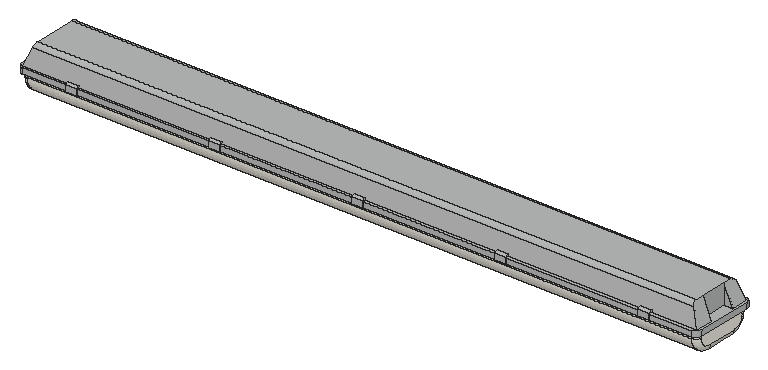
Revit family "SLIM", category Осветительные приборы, Revit 2019
Family settings
  Размер круглого соединителя = Использовать диаметр
  Тип детали = Нормальный
  На основе рабочей плоскости = Да
  Всегда вертикально = Нет
  При загрузке вырезать с полостями = Нет
  Источник света = Да
  Общий = Нет
  Точка расчета площади = Да
Parameters (values of type "CSVT SLIM-38/MILKY (IP65, 5000К ) c БАП на 1 час.")
  built-in parameter 1150104 = 13.8 (stored number, unit not read)
  built-in parameter 1150134 = 2
  Файл фотометрической сетки = "CSVT Slim-38Milky.ies"
  Tilt Angle = 90.00°
  built-in parameter 1150137 = (empty or 0)
  built-in parameter 1150132 = 2
  built-in parameter 1150114 = 1 (stored number, unit not read)
  Dimming Lamp Color Temperature Shift = (empty or 0)
  built-in parameter 1150105 = 342.18 (stored number, unit not read)
  Color Filter = 16777215
  Lumens = 4300 lm
  built-in parameter 1150109 = 1 (stored number, unit not read)
  built-in parameter 1150112 = 1 (stored number, unit not read)
  built-in parameter 1150110 = 1 (stored number, unit not read)
  built-in parameter 1150113 = 1 (stored number, unit not read)
  built-in parameter 1150115 = 1 (stored number, unit not read)
  built-in parameter 1114218 = 1 (stored number, unit not read)
  built-in parameter 1114217 = 1 (stored number, unit not read)
  Default Elevation = 1219.2 mm
  built-in parameter 1150106 = 3.4218 (stored number, unit not read)
  built-in parameter 1150142 = "IESNA:LM-63-95\r\n[TEST] Протокол № 50\r\n[DATA] 17.06.2016\r\n[MORE] \r\n[MANUFAC] ЗАО \"Центрстройсвет\"\r\n[LUMCAT]  Светильник OPERLUX-34/PRISMA-(588x588) \r\n[LUMINAIRE]\r\n[LAMPCAT] Светодиоды\r\n[LAMP] Поток источника света (светодиодов) не известен\r\n[MORE] КСС приведена в абсолютных величинах кд\r\n[MORE] Вместо потока лампы, указан поток светильника.\r\nTILT=NONE\r\n1    3050 1.0 37 73 1 2 0.588 0.588 0.08\r\n1.0 1.0 34\r\n0.0 5.0 10.0 15.0 20.0 25.0 30.0 35.0 40.0 45.0 50.0 55.0 60.0 65.0 70.0 75.0 80.0 85.0 90.0 95.0 100.0 105.0 110.0 115.0 120.0 125.0 130.0 135.0 140.0 145.0 150.0 155.0 160.0 165.0 170.0 175.0 180.0\r\n0.0 5.0 10.0 15.0 20.0 25.0 30.0 35.0 40.0 45.0 50.0 55.0 60.0 65.0 70.0 75.0 80.0 85.0 90.0 95.0 100.0 105.0 110.0 115.0 120.0 125.0 130.0 135.0 140.0 145.0 150.0 155.0 160.0 165.0 170.0 175.0 180.0 185.0 190.0 195.0 200.0 205.0 210.0 215.0 220.0 225.0 230.0 235.0 240.0 245.0 250.0 255.0 260.0 265.0 270.0 275.0 280.0 285.0 290.0 295.0 300.0 305.0 310.0 315.0 320.0 325.0 330.0 335.0 340.0 345.0 350.0 355.0 360.0\r\n1367.8 1364.1 1339.9 1310.7 1251.0 1171.4 1077.9 956.5 826.9 709.2 591.4 468.7 352.2 267.2 190.7 130.0 88.6 43.5 5.5 0.0 0.0 0.0 0.0 0.0 0.0 0.0 0.0 0.0 0.0 0.0 0.0 0.0 0.0 0.0 0.0 0.0 0.0\r\n1367.8 1365.7 1344.6 1309.2 1251.5 1175.2 1073.4 954.2 830.4 711.2 594.6 469.5 356.0 268.7 191.9 132.6 89.9 43.9 6.3 0.0 0.0 0.0 0.0 0.0 0.0 0.0 0.0 0.0 0.0 0.0 0.0 0.0 0.0 0.0 0.0 0.0 0.0\r\n1367.8 1367.4 1347.2 1302.8 1251.5 1178.6 1078.4 958.6 835.1 714.0 597.2 474.3 359.6 268.7 192.7 135.6 92.1 44.3 6.9 0.0 0.0 0.0 0.0 0.0 0.0 0.0 0.0 0.0 0.0 0.0 0.0 0.0 0.0 0.0 0.0 0.0 0.0\r\n1367.8 1368.2 1346.2 1303.1 1250.1 1177.1 1081.4 960.9 838.1 716.2 597.6 475.0 358.6 266.4 190.9 134.8 91.7 44.9 7.0 0.0 0.0 0.0 0.0 0.0 0.0 0.0 0.0 0.0 0.0 0.0 0.0 0.0 0.0 0.0 0.0 0.0 0.0\r\n1367.8 1367.7 1343.5 1306.2 1256.1 1180.0 1081.0 961.6 838.1 714.0 595.7 473.1 356.8 262.2 188.3 132.8 89.3 43.7 6.6 0.0 0.0 0.0 0.0 0.0 0.0 0.0 0.0 0.0 0.0 0.0 0.0 0.0 0.0 0.0 0.0 0.0 0.0\r\n1367.8 1366.2 1344.8 1309.0 1256.2 1184.6 1080.4 962.6 836.8 714.8 593.8 469.6 354.4 260.1 184.9 130.4 88.4 44.2 6.5 0.0 0.0 0.0 0.0 0.0 0.0 0.0 0.0 0.0 0.0 0.0 0.0 0.0 0.0 0.0 0.0 0.0 0.0\r\n1367.8 1364.3 1347.6 1312.1 1259.9 1177.4 1078.5 968.2 849.1 721.6 596.0 467.2 355.0 257.4 183.3 127.1 87.5 45.4 6.5 0.0 0.0 0.0 0.0 0.0 0.0 0.0 0.0 0.0 0.0 0.0 0.0 0.0 0.0 0.0 0.0 0.0 0.0\r\n1367.8 1363.3 1348.8 1312.0 1262.8 1181.2 1077.4 968.8 853.2 730.0 597.2 466.8 353.5 256.9 181.1 124.8 87.2 45.9 6.9 0.0 0.0 0.0 0.0 0.0 0.0 0.0 0.0 0.0 0.0 0.0 0.0 0.0 0.0 0.0 0.0 0.0 0.0\r\n1367.8 1364.0 1350.3 1308.2 1255.9 1182.2 1079.9 969.0 856.0 734.3 601.1 468.4 352.6 254.4 178.0 121.7 85.5 45.0 6.9 0.0 0.0 0.0 0.0 0.0 0.0 0.0 0.0 0.0 0.0 0.0 0.0 0.0 0.0 0.0 0.0 0.0 0.0\r\n1367.8 1364.9 1349.2 1313.0 1259.2 1178.2 1076.4 970.7 860.9 740.8 606.9 469.1 350.2 254.0 175.6 117.8 83.6 43.4 6.7 0.0 0.0 0.0 0.0 0.0 0.0 0.0 0.0 0.0 0.0 0.0 0.0 0.0 0.0 0.0 0.0 0.0 0.0\r\n1367.8 1365.0 1348.6 1315.3 1261.5 1184.1 1082.6 973.9 862.8 745.2 607.9 469.0 350.5 253.1 173.2 116.2 81.4 42.4 6.5 0.0 0.0 0.0 0.0 0.0 0.0 0.0 0.0 0.0 0.0 0.0 0.0 0.0 0.0 0.0 0.0 0.0 0.0\r\n1367.8 1364.4 1347.9 1315.3 1258.7 1186.3 1085.9 970.5 862.2 747.0 613.0 468.8 350.2 252.8 173.4 116.6 79.8 40.9 6.7 0.0 0.0 0.0 0.0 0.0 0.0 0.0 0.0 0.0 0.0 0.0 0.0 0.0 0.0 0.0 0.0 0.0 0.0\r\n1367.8 1363.4 1347.0 1308.3 1258.6 1184.3 1089.8 973.9 867.7 742.3 606.2 467.0 350.0 252.6 175.4 119.1 79.8 42.1 7.1 0.0 0.0 0.0 0.0 0.0 0.0 0.0 0.0 0.0 0.0 0.0 0.0 0.0 0.0 0.0 0.0 0.0 0.0\r\n1367.8 1362.6 1348.4 1308.2 1261.4 1190.2 1088.3 978.6 869.6 744.0 601.1 462.4 350.2 253.6 175.9 123.0 83.5 45.3 7.8 0.0 0.0 0.0 0.0 0.0 0.0 0.0 0.0 0.0 0.0 0.0 0.0 0.0 0.0 0.0 0.0 0.0 0.0\r\n1367.8 1362.3 1347.3 1311.1 1262.3 1191.1 1093.6 982.5 872.1 746.6 597.2 461.1 348.8 251.4 176.3 127.6 89.2 48.5 7.9 0.0 0.0 0.0 0.0 0.0 0.0 0.0 0.0 0.0 0.0 0.0 0.0 0.0 0.0 0.0 0.0 0.0 0.0\r\n1367.8 1362.5 1345.8 1316.1 1260.6 1190.3 1096.8 982.6 873.3 743.8 593.1 456.4 347.2 250.6 175.7 130.9 94.2 51.8 9.3 0.0 0.0 0.0 0.0 0.0 0.0 0.0 0.0 0.0 0.0 0.0 0.0 0.0 0.0 0.0 0.0 0.0 0.0\r\n1367.8 1363.2 1345.2 1315.5 1267.1 1195.5 1096.1 995.9 871.3 740.3 589.0 455.0 342.8 246.9 174.2 131.9 97.1 52.4 10.1 0.0 0.0 0.0 0.0 0.0 0.0 0.0 0.0 0.0 0.0 0.0 0.0 0.0 0.0 0.0 0.0 0.0 0.0\r\n1367.8 1364.5 1346.0 1317.2 1264.0 1194.7 1102.6 991.8 873.9 736.2 584.7 454.3 338.6 243.0 171.3 130.1 99.3 53.7 9.5 0.0 0.0 0.0 0.0 0.0 0.0 0.0 0.0 0.0 0.0 0.0 0.0 0.0 0.0 0.0 0.0 0.0 0.0\r\n1367.8 1365.9 1346.4 1317.1 1264.0 1198.2 1105.3 994.6 872.6 727.7 582.0 451.8 335.8 239.9 168.3 127.6 100.0 55.8 7.5 0.0 0.0 0.0 0.0 0.0 0.0 0.0 0.0 0.0 0.0 0.0 0.0 0.0 0.0 0.0 0.0 0.0 0.0\r\n1367.8 1366.3 1344.9 1317.5 1265.6 1200.4 1108.2 997.2 868.8 722.7 575.8 446.5 333.1 238.4 167.7 126.3 98.1 56.1 8.8 0.0 0.0 0.0 0.0 0.0 0.0 0.0 0.0 0.0 0.0 0.0 0.0 0.0 0.0 0.0 0.0 0.0 0.0\r\n1367.8 1365.9 1344.0 1313.0 1263.2 1200.6 1104.3 997.0 862.7 720.9 568.5 441.0 331.7 237.8 167.7 126.3 96.7 53.7 9.4 0.0 0.0 0.0 0.0 0.0 0.0 0.0 0.0 0.0 0.0 0.0 0.0 0.0 0.0 0.0 0.0 0.0 0.0\r\n1367.8 1365.3 1346.1 1312.6 1263.0 1198.3 1108.1 995.3 861.6 712.7 563.4 437.4 331.4 236.8 165.9 124.7 95.3 55.2 9.1 0.0 0.0 0.0 0.0 0.0 0.0 0.0 0.0 0.0 0.0 0.0 0.0 0.0 0.0 0.0 0.0 0.0 0.0\r\n1367.8 1364.9 1349.2 1313.0 1262.9 1199.0 1108.3 993.8 855.7 710.3 563.1 435.2 329.9 233.9 163.4 121.6 92.0 55.1 8.8 0.0 0.0 0.0 0.0 0.0 0.0 0.0 0.0 0.0 0.0 0.0 0.0 0.0 0.0 0.0 0.0 0.0 0.0\r\n1367.8 1364.1 1352.0 1313.2 1259.2 1197.0 1104.6 988.6 849.9 704.2 562.4 433.5 327.9 230.5 158.4 116.9 87.6 51.4 7.8 0.0 0.0 0.0 0.0 0.0 0.0 0.0 0.0 0.0 0.0 0.0 0.0 0.0 0.0 0.0 0.0 0.0 0.0\r\n1367.8 1363.0 1349.6 1313.3 1257.8 1193.2 1098.7 980.1 848.0 708.1 565.6 433.4 325.1 228.0 154.2 111.3 83.7 49.7 7.5 0.0 0.0 0.0 0.0 0.0 0.0 0.0 0.0 0.0 0.0 0.0 0.0 0.0 0.0 0.0 0.0 0.0 0.0\r\n1367.8 1361.9 1346.7 1314.1 1256.8 1193.2 1093.6 977.6 847.2 708.6 569.1 434.8 324.5 225.9 151.7 107.5 81.6 48.9 7.3 0.0 0.0 0.0 0.0 0.0 0.0 0.0 0.0 0.0 0.0 0.0 0.0 0.0 0.0 0.0 0.0 0.0 0.0\r\n1367.8 1361.2 1345.0 1309.5 1261.1 1193.3 1089.9 973.2 851.1 709.3 572.7 435.0 323.4 225.4 152.1 105.8 80.4 49.9 7.3 0.0 0.0 0.0 0.0 0.0 0.0 0.0 0.0 0.0 0.0 0.0 0.0 0.0 0.0 0.0 0.0 0.0 0.0\r\n1367.8 1360.5 1345.3 1307.2 1258.6 1186.4 1085.9 974.0 847.9 714.1 575.5 436.8 321.2 223.3 152.0 105.2 79.8 49.6 8.0 0.0 0.0 0.0 0.0 0.0 0.0 0.0 0.0 0.0 0.0 0.0 0.0 0.0 0.0 0.0 0.0 0.0 0.0\r\n1367.8 1360.0 1344.3 1308.1 1257.8 1178.2 1085.3 975.1 848.7 715.2 575.4 439.1 318.7 223.0 150.8 104.3 79.3 49.5 8.2 0.0 0.0 0.0 0.0 0.0 0.0 0.0 0.0 0.0 0.0 0.0 0.0 0.0 0.0 0.0 0.0 0.0 0.0\r\n1367.8 1360.5 1346.2 1311.6 1256.3 1174.7 1082.9 978.6 851.4 710.5 574.9 440.6 317.9 221.6 152.3 106.4 79.3 48.7 8.4 0.0 0.0 0.0 0.0 0.0 0.0 0.0 0.0 0.0 0.0 0.0 0.0 0.0 0.0 0.0 0.0 0.0 0.0\r\n1367.8 1361.9 1350.3 1309.3 1252.2 1172.6 1080.3 970.8 851.2 713.3 570.6 439.7 319.0 222.4 154.5 110.7 81.7 47.4 8.1 0.0 0.0 0.0 0.0 0.0 0.0 0.0 0.0 0.0 0.0 0.0 0.0 0.0 0.0 0.0 0.0 0.0 0.0\r\n1367.8 1363.7 1348.0 1307.6 1253.5 1171.4 1087.1 971.6 851.9 710.7 569.9 438.2 323.8 226.5 159.3 115.4 83.3 45.0 7.6 0.0 0.0 0.0 0.0 0.0 0.0 0.0 0.0 0.0 0.0 0.0 0.0 0.0 0.0 0.0 0.0 0.0 0.0\r\n1367.8 1365.3 1346.4 1312.3 1251.8 1172.7 1086.5 974.6 847.7 705.0 567.7 442.4 326.6 234.0 164.3 120.1 85.8 43.9 7.4 0.0 0.0 0.0 0.0 0.0 0.0 0.0 0.0 0.0 0.0 0.0 0.0 0.0 0.0 0.0 0.0 0.0 0.0\r\n1367.8 1366.2 1347.0 1309.1 1250.4 1170.7 1085.2 978.5 846.6 705.8 567.4 441.3 331.1 236.3 167.7 122.8 88.4 45.0 8.1 0.0 0.0 0.0 0.0 0.0 0.0 0.0 0.0 0.0 0.0 0.0 0.0 0.0 0.0 0.0 0.0 0.0 0.0\r\n1367.8 1366.0 1347.9 1306.2 1240.5 1166.7 1082.2 977.2 844.2 702.8 566.8 442.7 335.1 241.3 169.7 123.7 90.0 45.9 9.2 0.0 0.0 0.0 0.0 0.0 0.0 0.0 0.0 0.0 0.0 0.0 0.0 0.0 0.0 0.0 0.0 0.0 0.0\r\n1367.8 1364.3 1346.5 1311.7 1250.6 1170.3 1080.9 980.5 844.4 703.8 569.8 446.4 334.2 240.3 169.5 121.7 87.9 46.9 9.3 0.0 0.0 0.0 0.0 0.0 0.0 0.0 0.0 0.0 0.0 0.0 0.0 0.0 0.0 0.0 0.0 0.0 0.0\r\n1367.8 1361.6 1341.0 1307.3 1249.6 1169.2 1088.8 980.5 845.1 706.2 571.7 444.8 333.0 238.4 168.9 120.7 87.1 47.8 7.8 0.0 0.0 0.0 0.0 0.0 0.0 0.0 0.0 0.0 0.0 0.0 0.0 0.0 0.0 0.0 0.0 0.0 0.0\r\n1367.8 1359.4 1337.2 1303.3 1252.4 1170.4 1080.4 978.1 841.4 701.4 566.4 444.4 333.5 241.2 169.4 122.2 88.2 47.2 9.5 0.0 0.0 0.0 0.0 0.0 0.0 0.0 0.0 0.0 0.0 0.0 0.0 0.0 0.0 0.0 0.0 0.0 0.0\r\n1367.8 1359.3 1342.6 1310.3 1242.7 1173.0 1078.8 976.3 844.8 702.0 565.3 440.7 332.8 240.9 169.9 123.5 89.5 46.1 9.1 0.0 0.0 0.0 0.0 0.0 0.0 0.0 0.0 0.0 0.0 0.0 0.0 0.0 0.0 0.0 0.0 0.0 0.0\r\n1367.8 1361.3 1345.4 1306.4 1248.2 1167.7 1080.4 980.5 846.8 703.5 567.2 443.4 333.2 240.2 168.7 123.1 88.4 46.2 8.4 0.0 0.0 0.0 0.0 0.0 0.0 0.0 0.0 0.0 0.0 0.0 0.0 0.0 0.0 0.0 0.0 0.0 0.0\r\n1367.8 1364.4 1343.1 1308.2 1251.3 1170.9 1084.2 980.8 848.5 707.7 571.1 445.6 332.7 238.1 167.5 120.7 85.6 44.6 7.7 0.0 0.0 0.0 0.0 0.0 0.0 0.0 0.0 0.0 0.0 0.0 0.0 0.0 0.0 0.0 0.0 0.0 0.0\r\n1367.8 1366.7 1342.9 1310.2 1254.3 1176.8 1087.8 981.7 853.4 711.9 574.2 446.0 329.4 232.8 162.6 116.6 83.7 45.3 8.1 0.0 0.0 0.0 0.0 0.0 0.0 0.0 0.0 0.0 0.0 0.0 0.0 0.0 0.0 0.0 0.0 0.0 0.0\r\n1367.8 1367.7 1346.5 1310.6 1258.1 1183.1 1085.5 978.6 854.1 714.2 577.9 448.7 327.1 229.4 158.3 112.1 82.0 47.9 9.0 0.0 0.0 0.0 0.0 0.0 0.0 0.0 0.0 0.0 0.0 0.0 0.0 0.0 0.0 0.0 0.0 0.0 0.0\r\n1367.8 1367.3 1348.0 1310.6 1262.6 1180.1 1086.5 982.6 856.7 719.8 579.9 448.7 324.7 226.8 155.7 107.8 80.3 50.1 9.5 0.0 0.0 0.0 0.0 0.0 0.0 0.0 0.0 0.0 0.0 0.0 0.0 0.0 0.0 0.0 0.0 0.0 0.0\r\n1367.8 1365.6 1348.6 1309.9 1259.0 1186.0 1089.0 979.4 855.0 722.2 584.2 450.5 325.6 227.6 155.8 107.2 80.5 51.4 9.6 0.0 0.0 0.0 0.0 0.0 0.0 0.0 0.0 0.0 0.0 0.0 0.0 0.0 0.0 0.0 0.0 0.0 0.0\r\n1367.8 1363.3 1347.7 1306.8 1261.1 1190.7 1095.5 982.3 860.8 723.2 585.7 446.3 327.8 230.3 158.2 109.3 81.7 51.4 9.3 0.0 0.0 0.0 0.0 0.0 0.0 0.0 0.0 0.0 0.0 0.0 0.0 0.0 0.0 0.0 0.0 0.0 0.0\r\n1367.8 1361.0 1344.4 1306.7 1264.4 1191.7 1095.0 984.8 858.7 723.1 583.6 444.8 328.4 232.3 158.6 109.9 81.8 51.7 9.0 0.0 0.0 0.0 0.0 0.0 0.0 0.0 0.0 0.0 0.0 0.0 0.0 0.0 0.0 0.0 0.0 0.0 0.0\r\n1367.8 1359.1 1344.3 1308.4 1263.8 1198.1 1102.2 989.8 861.5 721.8 582.8 444.8 331.3 233.7 158.6 111.1 83.0 50.9 8.9 0.0 0.0 0.0 0.0 0.0 0.0 0.0 0.0 0.0 0.0 0.0 0.0 0.0 0.0 0.0 0.0 0.0 0.0\r\n1367.8 1357.8 1346.5 1313.8 1263.6 1192.7 1107.0 996.3 859.5 718.8 579.1 442.9 332.1 234.9 160.7 114.1 84.6 51.0 9.2 0.0 0.0 0.0 0.0 0.0 0.0 0.0 0.0 0.0 0.0 0.0 0.0 0.0 0.0 0.0 0.0 0.0 0.0\r\n1367.8 1357.7 1347.3 1313.2 1264.3 1198.9 1108.1 998.6 864.9 718.7 573.2 441.1 332.1 237.8 164.0 118.2 87.5 52.0 9.8 0.0 0.0 0.0 0.0 0.0 0.0 0.0 0.0 0.0 0.0 0.0 0.0 0.0 0.0 0.0 0.0 0.0 0.0\r\n1367.8 1358.5 1346.9 1313.1 1266.5 1195.6 1112.2 1002.8 870.4 722.5 574.7 443.8 335.7 239.1 166.4 121.6 91.2 55.8 10.9 0.0 0.0 0.0 0.0 0.0 0.0 0.0 0.0 0.0 0.0 0.0 0.0 0.0 0.0 0.0 0.0 0.0 0.0\r\n1367.8 1359.8 1344.7 1312.9 1269.5 1203.1 1107.5 1002.6 874.5 724.4 574.3 444.8 335.5 240.3 169.6 124.4 94.2 56.9 11.6 0.0 0.0 0.0 0.0 0.0 0.0 0.0 0.0 0.0 0.0 0.0 0.0 0.0 0.0 0.0 0.0 0.0 0.0\r\n1367.8 1361.7 1344.5 1316.7 1266.1 1199.3 1111.1 1004.7 879.7 733.6 577.6 446.7 337.8 241.2 168.7 126.0 96.3 56.5 11.7 0.0 0.0 0.0 0.0 0.0 0.0 0.0 0.0 0.0 0.0 0.0 0.0 0.0 0.0 0.0 0.0 0.0 0.0\r\n1367.8 1363.9 1346.7 1316.2 1265.7 1198.1 1117.1 1006.7 882.1 737.2 586.5 450.4 338.9 242.3 167.8 125.5 98.6 58.1 10.5 0.0 0.0 0.0 0.0 0.0 0.0 0.0 0.0 0.0 0.0 0.0 0.0 0.0 0.0 0.0 0.0 0.0 0.0\r\n1367.8 1365.2 1345.4 1319.5 1265.7 1198.8 1109.1 1003.5 876.9 742.6 589.1 456.4 341.1 242.1 167.5 126.8 100.2 57.9 8.8 0.0 0.0 0.0 0.0 0.0 0.0 0.0 0.0 0.0 0.0 0.0 0.0 0.0 0.0 0.0 0.0 0.0 0.0\r\n1367.8 1365.0 1345.2 1312.9 1265.8 1199.0 1109.7 999.6 877.6 742.6 595.8 457.7 342.1 245.3 170.4 128.5 99.0 56.9 11.0 0.0 0.0 0.0 0.0 0.0 0.0 0.0 0.0 0.0 0.0 0.0 0.0 0.0 0.0 0.0 0.0 0.0 0.0\r\n1367.8 1364.1 1347.9 1311.6 1271.1 1195.3 1102.7 998.9 881.1 745.5 597.2 460.9 345.1 248.6 174.0 129.7 96.5 55.6 11.2 0.0 0.0 0.0 0.0 0.0 0.0 0.0 0.0 0.0 0.0 0.0 0.0 0.0 0.0 0.0 0.0 0.0 0.0\r\n1367.8 1363.0 1347.3 1314.0 1269.6 1192.3 1104.9 991.5 878.3 748.8 603.5 463.3 348.1 251.3 177.2 130.4 94.2 55.0 10.3 0.0 0.0 0.0 0.0 0.0 0.0 0.0 0.0 0.0 0.0 0.0 0.0 0.0 0.0 0.0 0.0 0.0 0.0\r\n1367.8 1362.4 1346.2 1314.7 1264.3 1194.7 1094.8 992.0 878.4 749.1 608.2 465.6 349.4 252.9 177.2 127.6 90.1 51.7 8.7 0.0 0.0 0.0 0.0 0.0 0.0 0.0 0.0 0.0 0.0 0.0 0.0 0.0 0.0 0.0 0.0 0.0 0.0\r\n1367.8 1362.7 1348.0 1314.5 1265.5 1196.6 1094.9 983.4 872.0 752.6 609.3 469.0 352.6 254.1 177.1 125.0 85.8 47.2 8.1 0.0 0.0 0.0 0.0 0.0 0.0 0.0 0.0 0.0 0.0 0.0 0.0 0.0 0.0 0.0 0.0 0.0 0.0\r\n1367.8 1362.9 1347.6 1317.1 1264.6 1191.1 1090.4 981.6 868.8 748.7 612.1 472.2 352.0 253.6 176.2 121.4 83.1 43.4 6.9 0.0 0.0 0.0 0.0 0.0 0.0 0.0 0.0 0.0 0.0 0.0 0.0 0.0 0.0 0.0 0.0 0.0 0.0\r\n1367.8 1362.5 1343.6 1318.7 1268.8 1192.3 1085.5 974.5 866.1 750.5 612.3 472.0 350.7 253.1 174.7 119.5 83.2 43.3 6.3 0.0 0.0 0.0 0.0 0.0 0.0 0.0 0.0 0.0 0.0 0.0 0.0 0.0 0.0 0.0 0.0 0.0 0.0\r\n1367.8 1362.1 1341.3 1317.3 1267.8 1185.0 1082.2 972.1 864.2 747.6 611.4 473.0 350.1 254.2 174.7 118.9 84.4 45.4 6.1 0.0 0.0 0.0 0.0 0.0 0.0 0.0 0.0 0.0 0.0 0.0 0.0 0.0 0.0 0.0 0.0 0.0 0.0\r\n1367.8 1362.2 1343.6 1308.9 1260.0 1189.4 1084.9 971.7 859.6 740.4 606.9 470.8 351.4 253.9 176.6 120.3 86.5 45.9 6.5 0.0 0.0 0.0 0.0 0.0 0.0 0.0 0.0 0.0 0.0 0.0 0.0 0.0 0.0 0.0 0.0 0.0 0.0\r\n1367.8 1363.0 1342.9 1314.5 1263.9 1184.9 1081.6 971.9 853.4 735.2 605.3 467.7 352.3 254.8 180.1 122.7 87.8 46.6 6.8 0.0 0.0 0.0 0.0 0.0 0.0 0.0 0.0 0.0 0.0 0.0 0.0 0.0 0.0 0.0 0.0 0.0 0.0\r\n1367.8 1364.3 1340.2 1313.1 1261.0 1182.5 1084.4 971.4 852.3 730.7 600.0 466.2 354.3 255.8 181.2 124.6 88.4 46.8 6.6 0.0 0.0 0.0 0.0 0.0 0.0 0.0 0.0 0.0 0.0 0.0 0.0 0.0 0.0 0.0 0.0 0.0 0.0\r\n1367.8 1365.9 1343.5 1308.2 1258.3 1181.3 1083.1 966.4 845.6 721.0 594.9 467.0 352.2 259.1 183.4 126.7 88.1 45.4 6.1 0.0 0.0 0.0 0.0 0.0 0.0 0.0 0.0 0.0 0.0 0.0 0.0 0.0 0.0 0.0 0.0 0.0 0.0\r\n1367.8 1366.3 1345.1 1308.7 1254.7 1177.8 1080.9 969.9 838.6 714.9 593.4 465.7 351.7 258.6 185.5 129.6 88.1 44.0 5.9 0.0 0.0 0.0 0.0 0.0 0.0 0.0 0.0 0.0 0.0 0.0 0.0 0.0 0.0 0.0 0.0 0.0 0.0\r\n1367.8 1364.5 1343.2 1306.3 1248.4 1177.3 1082.4 962.7 833.3 713.0 595.0 468.9 352.8 260.9 187.3 132.3 88.7 43.5 6.0 0.0 0.0 0.0 0.0 0.0 0.0 0.0 0.0 0.0 0.0 0.0 0.0 0.0 0.0 0.0 0.0 0.0 0.0\r\n1367.8 1362.4 1346.0 1305.7 1255.8 1170.9 1078.4 956.8 832.7 709.6 592.6 470.6 355.6 263.8 189.2 133.7 90.3 44.0 6.3 0.0 0.0 0.0 0.0 0.0 0.0 0.0 0.0 0.0 0.0 0.0 0.0 0.0 0.0 0.0 0.0 0.0 0.0\r\n1367.8 1362.0 1346.8 1311.0 1252.6 1177.3 1074.5 958.3 825.6 709.7 591.0 467.7 356.3 264.6 188.4 133.0 90.3 43.3 6.2 0.0 0.0 0.0 0.0 0.0 0.0 0.0 0.0 0.0 0.0 0.0 0.0 0.0 0.0 0.0 0.0 0.0 0.0\r\n1367.8 1363.0 1341.5 1311.3 1242.3 1175.5 1082.4 953.9 818.8 707.4 591.0 466.6 352.5 265.4 188.6 130.9 89.0 43.1 6.3 0.0 0.0 0.0 0.0 0.0 0.0 0.0 0.0 0.0 0.0 0.0 0.0 0.0 0.0 0.0 0.0 0.0 0.0\r\n1367.8 1364.1 1339.9 1310.7 1251.0 1171.4 1077.9 956.5 826.9 709.2 591.4 468.7 352.2 267.2 190.7 130.0 88.6 43.5 5.5 0.0 0.0 0.0 0.0 0.0 0.0 0.0 0.0 0.0 0.0 0.0 0.0 0.0 0.0 0.0 0.0 0.0 0.0\r\n"
  built-in parameter 1150133 = 10 (stored number, unit not read)
  Wattage = 28.948 W
  Материал коробки = none
  built-in parameter 1150139 = (empty or 0)
  built-in parameter 1150138 = (empty or 0)
  built-in parameter 1150107 = 5000 (stored number, unit not read)
  built-in parameter 1150102 = (empty or 0)
  Emit from Rectangle Width = Ширина - 40 mm  # 84 mm
  Emit from Rectangle Length = Длина - 40 mm  # 1222 mm
  Длина = 1262 mm
  УГО [instance] = yes
  Description = ""
  Материал светильника = RAL 9006
  Материал стекла = RAL 9001
  Type Comments = ""
  Изготовитель = "ЗАО «Центрстройсвет»"
  Ширина = 124 mm
  Высота = 85 mm
  Видимая форма излучения при визуализации = yes
  l = 20 mm  # constant formula
  URL = "http://csvt.ru/"
  ADSK_Ток = ADSK_Номинальная мощность / (ADSK_Коэффициент мощности * ADSK_Напряжение * sqrt(ADSK_Количество фаз числовое))  # 0.179584 A
  ADSK_Примечание = ""
  ADSK_Полная мощность = ADSK_Номинальная мощность / ADSK_Коэффициент мощности  # 41.3043 VA
  ADSK_Обозначение = "CSVT SLIM-38/MILKY  (IP65, 5000К )"
  ADSK_Номинальная мощность = 38 W
  ADSK_Напряжение = 230 V
  ADSK_Наименование = "Светодиодный пылевлагозащищенный светильник CSVT SLIM-38/MILKY (IP65, 5000К ) c БАП на 1 час."
  ADSK_Масса = 1.5
  ADSK_Коэффициент мощности = 0.92
  ADSK_Количество фаз числовое = 1
  ADSK_Количество фаз = 1
  ADSK_Код изделия = "ЦБ000009203"
  ADSK_Классификация нагрузок = Прочее
  ADSK_Завод-изготовитель = "ЗАО «Центрстройсвет»"
  ADSK_Единица измерения = "шт."
Reference planes
  plane 1 "По центру (Вперед/Назад)": y = 0
  plane 2: z = 0
  plane 3 "По центру (Влево/Вправо)": x = 0
  plane 4: x = -631
  plane 5: x = 631
  plane 6: y = -62
  plane 7: y = 62
  plane 8: y = -57
  plane 9: y = 57
  plane 10: x = 626
  plane 11: x = -626
  plane 12: z = -37.5
  plane 13: z = -47.5
  plane 14: y = -47
  plane 15: x = 616
  plane 16: x = -616
  plane 17: y = 47
  plane 18: z = -85
  plane 19: z = -42.5
  plane 20: x = -521
  plane 21: x = -541
  plane 22: x = -531
  plane 23: x = -255.5
  plane 24: x = -275.5
  plane 25: x = -265.5
  plane 26: x = 255.5
  plane 27: x = 275.5
  plane 28: x = 265.5
  plane 29: x = 521
  plane 30: x = 541
  plane 31: x = 531
  plane 32: y = 25
  plane 33: y = -25
  plane 34: x = -10
  plane 35: x = 10
Forms (mm)
  Extrusion 1, solid, material "RAL 9006" <- "Материал светильника", detail levels medium+fine
    sketch origin (0, 0, 0) x (1, 0, 0) y (0, 1, 0)
      loop
        arc (-631, -52) -> (-628.071, -59.071) -> (-621, -62) r 10
        line (-621, -62) -> (621, -62)
        arc (621, -62) -> (628.071, -59.071) -> (631, -52) r 10
        line (631, -52) -> (631, 52)
        arc (631, 52) -> (628.071, 59.071) -> (621, 62) r 10
        line (621, 62) -> (-621, 62)
        arc (-621, 62) -> (-628.071, 59.071) -> (-631, 52) r 10
        line (-631, 52) -> (-631, -52)
    from -47.5 to -37.5
  Extrusion 2, solid, material "RAL 9001" <- "Материал стекла", detail levels medium+fine
    sketch origin (0, 0, 0) x (0, 1, 0) y (0, 0, 1)
      loop
        line (57, -47.5) -> (-57, -47.5) -> (-57, -55)
        arc (-57, -55) -> (-48.213, -76.213) -> (-27, -85) r 30
        line (-27, -85) -> (27, -85)
        arc (27, -85) -> (48.213, -76.213) -> (57, -55) r 30
        line (57, -55) -> (57, -47.5)
    from -626 to 626
  Sweep 3, void
    path in 3D
      loop
        line (-626, 57, -47.5) -> (-626, 57, -55)
        arc (-626, 57, -55) -> (-626, 48.213, -76.213) -> (-626, 27, -85) r 30
        line (-626, 27, -85) -> (-626, -27, -85)
        arc (-626, -27, -85) -> (-626, -48.213, -76.213) -> (-626, -57, -55) r 30
        line (-626, -57, -55) -> (-626, -57, -47.5)
    profile origin (-626, 0, -85) x (-1, 0, 0) y (0, 0, -1)
      loop
        arc (-10, 0) -> (-2.929, -2.929) -> (0, -10) r 10
        line (0, -10) -> (0, 0) -> (-10, 0)
      loop
        line (-1242, 0) -> (-1252, 0) -> (-1252, -10)
        arc (-1252, -10) -> (-1249.071, -2.929) -> (-1242, 0) r 10
  Extrusion 4, solid, material "RAL 9006" <- "Материал светильника", detail levels medium+fine
    sketch origin (0, 0, 0) x (0, 1, 0) y (0, 0, 1)
      loop
        line (39.598, 0) -> (-39.598, 0)
        arc (-39.598, 0) -> (-45.547, -1.962) -> (-49.162, -7.08) r 10
        line (-49.162, -7.08) -> (-57, -37.5) -> (57, -37.5) -> (49.162, -7.08)
        arc (49.162, -7.08) -> (45.547, -1.962) -> (39.598, 0) r 10
    from -626 to 626
  Extrusion 5, void
    sketch origin (0, 0, 0) x (1, 0, 0) y (0, 0, 1)
      loop
        line (-626, -37.5) -> (-610.728, 0) -> (-626, 0) -> (-626, -37.5)
      loop
        line (626, -37.5) -> (626, 0) -> (610.728, 0) -> (626, -37.5)
    from -62 to 62
  Extrusion 6, solid, material "RAL 9006" <- "Материал светильника", detail levels medium+fine
    sketch origin (250, 0, 0) x (0, 1, 0) y (0, 0, 1)
      loop
        line (62, -47.5) -> (57, -49.32) -> (57, -51.378) -> (63, -47.914) -> (63, -37.086) -> (57, -34.288) -> (57, -36.618) -> (62, -37.5) -> (62, -47.5)
      loop
        line (-62, -47.5) -> (-62, -37.5) -> (-57, -36.618) -> (-57, -34.288) -> (-63, -37.086) -> (-63, -47.914) -> (-57, -51.378) -> (-57, -49.32) -> (-62, -47.5)
    from 291 to 271
  Extrusion 7, solid, material "RAL 9006" <- "Материал светильника", detail levels medium+fine
    sketch origin (-2.4, 0, 0) x (0, 1, 0) y (0, 0, 1)
      loop
        line (62, -47.5) -> (57, -49.32) -> (57, -51.378) -> (63, -47.914) -> (63, -37.086) -> (57, -34.288) -> (57, -36.618) -> (62, -37.5) -> (62, -47.5)
      loop
        line (-62, -47.5) -> (-62, -37.5) -> (-57, -36.618) -> (-57, -34.288) -> (-63, -37.086) -> (-63, -47.914) -> (-57, -51.378) -> (-57, -49.32) -> (-62, -47.5)
    from 257.9 to 277.9
  Extrusion 8, solid, material "RAL 9006" <- "Материал светильника", detail levels medium+fine
    sketch origin (-254.8, 0, 0) x (0, 1, 0) y (0, 0, 1)
      loop
        line (62, -47.5) -> (57, -49.32) -> (57, -51.378) -> (63, -47.914) -> (63, -37.086) -> (57, -34.288) -> (57, -36.618) -> (62, -37.5) -> (62, -47.5)
      loop
        line (-62, -47.5) -> (-62, -37.5) -> (-57, -36.618) -> (-57, -34.288) -> (-63, -37.086) -> (-63, -47.914) -> (-57, -51.378) -> (-57, -49.32) -> (-62, -47.5)
    from -0.7 to -20.7
  Extrusion 9, solid, material "RAL 9006" <- "Материал светильника", detail levels medium+fine
    sketch origin (-507.2, 0, 0) x (0, 1, 0) y (0, 0, 1)
      loop
        line (62, -47.5) -> (57, -49.32) -> (57, -51.378) -> (63, -47.914) -> (63, -37.086) -> (57, -34.288) -> (57, -36.618) -> (62, -37.5) -> (62, -47.5)
      loop
        line (-62, -47.5) -> (-62, -37.5) -> (-57, -36.618) -> (-57, -34.288) -> (-63, -37.086) -> (-63, -47.914) -> (-57, -51.378) -> (-57, -49.32) -> (-62, -47.5)
    from -13.8 to -33.8
  Extrusion 10, void
    sketch origin (0, 0, 0) x (1, 0, 0) y (0, 0, 1)
      loop
        line (-626, -37.5) -> (-610.728, -37.5) -> (-610.728, 0) -> (-626, -37.5)
      loop
        line (626, -37.5) -> (610.728, 0) -> (610.728, -37.5) -> (626, -37.5)
    from -25 to 25
  Extrusion 11, solid, material "RAL 9006" <- "Материал светильника", detail levels medium+fine
    sketch origin (-128.6, 0, 0) x (0, 1, 0) y (0, 0, 1)
      loop
        line (62, -47.5) -> (57, -49.32) -> (57, -51.378) -> (63, -47.914) -> (63, -37.086) -> (57, -34.288) -> (57, -36.618) -> (62, -37.5) -> (62, -47.5)
      loop
        line (-62, -47.5) -> (-62, -37.5) -> (-57, -36.618) -> (-57, -34.288) -> (-63, -37.086) -> (-63, -47.914) -> (-57, -51.378) -> (-57, -49.32) -> (-62, -47.5)
    from 118.6 to 138.6
Cuts and joins
  Sweep 3 cuts Extrusion 2
  Extrusion 5, Extrusion 10 cuts Extrusion 4
Lines and regions (mm)
  sketch lines
    curve 1: line (-626, 27, -85) -> (-626, -27, -85)
    curve 2: arc (-626, -57, -55) -> (-626, -48.213, -76.213) -> (-626, -27, -85) r 30
    curve 3: line (-626, -57, -55) -> (-626, -57, -47.5)
    curve 4: arc (-626, 27, -85) -> (-626, 48.213, -76.213) -> (-626, 57, -55) r 30
    curve 5: line (-626, 57, -47.5) -> (-626, 57, -55)
Dimensions and locks
  equal spacing: plane 4, plane 3 "По центру (Влево/Вправо)", plane 5
  "Длина": plane 4 to plane 5
  equal spacing: plane 7, plane 1 "По центру (Вперед/Назад)", plane 6
  "Ширина": plane 7 to plane 6
  locked: plane 8 to plane 6 at 5
  locked: plane 9 to plane 7 at 5
  locked: plane 4 to plane 11 at 5
  locked: plane 10 to plane 5 at 5
  locked: plane 17 to plane 9 at 10
  locked: plane 14 to plane 8 at 10
  locked: plane 11 to plane 16 at 10
  locked: plane 15 to plane 10 at 10
  locked: plane 12 to plane 13 at 10
  equal spacing: plane 2, plane 19, plane 18
  "Высота": plane 2 to plane 18
  equal spacing: plane 12, plane 19, plane 13
  "l": plane 21 to plane 20
  equal spacing: plane 21, plane 22, plane 20
  "l": plane 24 to plane 23
  equal spacing: plane 24, plane 25, plane 23
  "l": plane 26 to plane 27
  equal spacing: plane 26, plane 28, plane 27
  "l": plane 29 to plane 30
  equal spacing: plane 29, plane 31, plane 30
  locked: plane 33 to plane 1 "По центру (Вперед/Назад)" at 25
  locked: plane 1 "По центру (Вперед/Назад)" to plane 32 at 25
  plane 4 to plane 22 = 100 mm
  plane 31 to plane 5 = 100 mm
  "l": plane 34 to plane 35
  equal spacing: plane 34, plane 3 "По центру (Влево/Вправо)", plane 35
  equal spacing: plane 22, plane 25, plane 3 "По центру (Влево/Вправо)", plane 28, plane 31
  aligned and locked: level to plane 2
  aligned and locked: plane 13 to imposter light
  aligned and locked: plane 4 to Extrusion 1 sketch curve
  aligned and locked: plane 7 to Extrusion 1 sketch curve
  aligned and locked: plane 5 to Extrusion 1 sketch curve
  aligned and locked: plane 6 to Extrusion 1 sketch curve
  aligned and locked: Extrusion 1 to plane 13
  aligned and locked: plane 12 to Extrusion 1
  aligned and locked: Extrusion 2 sketch curve to plane 9
  aligned and locked: Extrusion 2 sketch curve to plane 18
  aligned and locked: Extrusion 2 sketch curve to plane 8
  aligned and locked: Extrusion 2 sketch curve to plane 13
  aligned and locked: Extrusion 2 to plane 10
  aligned and locked: Extrusion 2 to plane 11
  aligned and locked: plane 18 to Sweep 3 sketch curve  (x3)
  aligned and locked: Sweep 3 sketch curve to plane 11
  aligned and locked: plane 11 to Sweep 3 sketch curve
  aligned and locked: plane 10 to Sweep 3 sketch curve
  aligned and locked: Sweep 3 sketch curve to plane 18
  aligned and locked: plane 15 to Sweep 3 sketch curve
  aligned and locked: level to Extrusion 4 sketch curve
  aligned and locked: Extrusion 4 sketch curve to Extrusion 1
  aligned and locked: Extrusion 4 to plane 10
  aligned and locked: Extrusion 4 to plane 11
  aligned and locked: plane 11 to Extrusion 5 sketch curve
  aligned and locked: Extrusion 5 sketch curve to plane 2
  aligned and locked: Extrusion 5 sketch curve to plane 10
  aligned and locked: plane 2 to Extrusion 5 sketch curve
  aligned and locked: plane 12 to Extrusion 5 sketch curve  (x2)
  aligned and locked: Extrusion 5 to plane 7
  aligned and locked: Extrusion 5 to plane 6
  aligned and locked: plane 29 to Extrusion 6
  aligned and locked: Extrusion 6 to plane 30
  aligned and locked: plane 30 to Extrusion 6
  aligned and locked: Extrusion 6 to plane 29  (x2)
  aligned and locked: Extrusion 6 sketch curve to plane 8
  aligned and locked: plane 8 to Extrusion 6 sketch curve
  aligned and locked: Extrusion 6 sketch curve to plane 6
  aligned and locked: plane 21 to Extrusion 9
  aligned and locked: Extrusion 9 to plane 20
  aligned and locked: plane 24 to Extrusion 8
  aligned and locked: Extrusion 8 to plane 23
  aligned and locked: Extrusion 7 to plane 26
  aligned and locked: plane 27 to Extrusion 7
  aligned and locked: Extrusion 10 to plane 32
  aligned and locked: plane 33 to Extrusion 10
  aligned and locked: Extrusion 11 to plane 35
  aligned and locked: Extrusion 11 to plane 34
Automatic sketch dimensions
  Extrusion 1 sketch curve to plane 4 = 0 mm
  plane 11 to Extrusion 1 sketch curve = 5 mm  (x2)
  plane 10 to Extrusion 1 sketch curve = 5 mm
  plane 9 to Extrusion 1 sketch curve = 5 mm
  plane 33 to Extrusion 2 sketch curve = 2 mm
  Extrusion 2 sketch curve to plane 32 = 2 mm
  Sweep 3 sketch curve to Sweep 3 sketch curve = 10 mm
  Extrusion 4 sketch curve to plane 8 = 0 mm
  Extrusion 4 sketch curve to plane 9 = 0 mm
  Extrusion 4 sketch curve to plane 14 = 2.162 mm
  plane 14 to Extrusion 4 sketch curve = 7.402 mm
  plane 17 to Extrusion 4 sketch curve = 7.402 mm
  Extrusion 4 sketch curve to plane 17 = 2.162 mm
  Extrusion 4 sketch curve to level = 10 mm  (x2)
  plane 16 to Extrusion 5 sketch curve = 5.272 mm
  plane 15 to Extrusion 5 sketch curve = 5.272 mm
  Extrusion 6 sketch curve to plane 9 = 0 mm  (x2)
  Extrusion 6 sketch curve to plane 7 = 0 mm
  Extrusion 6 sketch curve to plane 13 = 0 mm  (x2)
  Extrusion 6 sketch curve to plane 12 = 0 mm  (x2)
  plane 12 to Extrusion 6 sketch curve = 0.414 mm  (x2)
  Extrusion 6 sketch curve to plane 6 = 1 mm
  Extrusion 6 sketch curve to plane 13 = 0.414 mm  (x2)
  Extrusion 6 sketch curve to plane 7 = 1 mm
  Extrusion 6 sketch curve to plane 13 = 1.82 mm  (x2)
  Extrusion 6 sketch curve to Extrusion 6 sketch curve = 2.058 mm  (x2)
  plane 12 to Extrusion 6 sketch curve = 0.882 mm  (x2)
  Extrusion 6 sketch curve to Extrusion 6 sketch curve = 2.33 mm  (x2)
  Extrusion 7 sketch curve to plane 6 = 0 mm
  Extrusion 7 sketch curve to plane 8 = 0 mm  (x2)
  Extrusion 7 sketch curve to plane 9 = 0 mm  (x2)
  Extrusion 7 sketch curve to plane 7 = 0 mm
  Extrusion 7 sketch curve to plane 13 = 0 mm  (x2)
  Extrusion 7 sketch curve to plane 12 = 0 mm  (x2)
  plane 12 to Extrusion 7 sketch curve = 0.414 mm  (x2)
  Extrusion 7 sketch curve to plane 6 = 1 mm
  Extrusion 7 sketch curve to plane 13 = 0.414 mm  (x2)
  Extrusion 7 sketch curve to plane 7 = 1 mm
  Extrusion 7 sketch curve to plane 13 = 1.82 mm  (x2)
  Extrusion 7 sketch curve to Extrusion 7 sketch curve = 2.058 mm  (x2)
  plane 12 to Extrusion 7 sketch curve = 0.882 mm  (x2)
  Extrusion 7 sketch curve to Extrusion 7 sketch curve = 2.33 mm  (x2)
  Extrusion 8 sketch curve to plane 6 = 0 mm
  Extrusion 8 sketch curve to plane 8 = 0 mm  (x2)
  Extrusion 8 sketch curve to plane 9 = 0 mm  (x2)
  Extrusion 8 sketch curve to plane 7 = 0 mm
  Extrusion 8 sketch curve to plane 13 = 0 mm  (x2)
  Extrusion 8 sketch curve to plane 12 = 0 mm  (x2)
  plane 12 to Extrusion 8 sketch curve = 0.414 mm  (x2)
  Extrusion 8 sketch curve to plane 6 = 1 mm
  Extrusion 8 sketch curve to plane 13 = 0.414 mm  (x2)
  Extrusion 8 sketch curve to plane 7 = 1 mm
  Extrusion 8 sketch curve to plane 13 = 1.82 mm  (x2)
  Extrusion 8 sketch curve to Extrusion 8 sketch curve = 2.058 mm  (x2)
  plane 12 to Extrusion 8 sketch curve = 0.882 mm  (x2)
  Extrusion 8 sketch curve to Extrusion 8 sketch curve = 2.33 mm  (x2)
  Extrusion 9 sketch curve to plane 6 = 0 mm
  Extrusion 9 sketch curve to plane 8 = 0 mm  (x2)
  Extrusion 9 sketch curve to plane 9 = 0 mm  (x2)
  Extrusion 9 sketch curve to plane 7 = 0 mm
  Extrusion 9 sketch curve to plane 13 = 0 mm  (x2)
  Extrusion 9 sketch curve to plane 12 = 0 mm  (x2)
  plane 12 to Extrusion 9 sketch curve = 0.414 mm  (x2)
  Extrusion 9 sketch curve to plane 6 = 1 mm
  Extrusion 9 sketch curve to plane 13 = 0.414 mm  (x2)
  Extrusion 9 sketch curve to plane 7 = 1 mm
  Extrusion 9 sketch curve to plane 13 = 1.82 mm  (x2)
  Extrusion 9 sketch curve to Extrusion 9 sketch curve = 2.058 mm  (x2)
  plane 12 to Extrusion 9 sketch curve = 0.882 mm  (x2)
  Extrusion 9 sketch curve to Extrusion 9 sketch curve = 2.33 mm  (x2)
  Extrusion 10 sketch curve to plane 11 = 0 mm
  Extrusion 10 sketch curve to level = 0 mm  (x2)
  Extrusion 10 sketch curve to plane 12 = 0 mm  (x2)
  plane 10 to Extrusion 10 sketch curve = 0 mm
  plane 16 to Extrusion 10 sketch curve = 5.272 mm
  plane 15 to Extrusion 10 sketch curve = 5.272 mm
  Extrusion 11 sketch curve to plane 6 = 0 mm
  Extrusion 11 sketch curve to plane 8 = 0 mm  (x2)
  Extrusion 11 sketch curve to plane 9 = 0 mm  (x2)
  Extrusion 11 sketch curve to plane 7 = 0 mm
  Extrusion 11 sketch curve to plane 13 = 0 mm  (x2)
  Extrusion 11 sketch curve to plane 12 = 0 mm  (x2)
  plane 12 to Extrusion 11 sketch curve = 0.414 mm  (x2)
  Extrusion 11 sketch curve to plane 6 = 1 mm
  Extrusion 11 sketch curve to plane 13 = 0.414 mm  (x2)
  Extrusion 11 sketch curve to plane 7 = 1 mm
  Extrusion 11 sketch curve to plane 13 = 1.82 mm  (x2)
  Extrusion 11 sketch curve to Extrusion 11 sketch curve = 2.058 mm  (x2)
  plane 12 to Extrusion 11 sketch curve = 0.882 mm  (x2)
  Extrusion 11 sketch curve to Extrusion 11 sketch curve = 2.33 mm  (x2)
Nested families
  nested 1: "УГО светильник светодиодный" at (0, 0, 0), type "УГО светильник прямоугольный"
Connectors
  electrical at (0, 0, 0), driven by "ADSK_Количество фаз", driven by "ADSK_Классификация нагрузок", driven by "ADSK_Напряжение", driven by "ADSK_Полная мощность", driven by "ADSK_Коэффициент мощности"
    settings: on cut or joined group of Extrusion 4, Extrusion 5, Extrusion 10, index 1, voltage 230 V, apparent load 0 VA, apparent load phase1 41.3043 VA, apparent load phase2 0 VA, apparent load phase3 0 VA, power factor 0.92, load classification "Прочее", number of poles 1, system type 31, power factor state 1, is connector primary yes, connector utility no, sub classification motor no, connector description ""
Definition of nested family "УГО светильник светодиодный"
  Parameters
    Длина = 1000 mm
    Ширина = 500 mm
  Reference planes
    plane 1 "По центру (Вперед/Назад)": y = 0
    plane 2: z = 0
    plane 3 "По центру (Влево/Вправо)": x = 0
    plane 4: x = -500
    plane 5: y = 250
    plane 6: x = 500
    plane 7: y = -250
    plane 8: x = -333.333
    plane 9: x = -166.667
    plane 10: x = 333.333
    plane 11: x = 166.667
  Lines and regions (mm)
    model lines, detail levels coarse
      curve 1: line (-500, 250, 0) -> (500, 250, 0)
      curve 2: line (-500, -250, 0) -> (-500, 250, 0)
      curve 3: line (500, -250, 0) -> (-500, -250, 0)
      curve 4: line (500, 250, 0) -> (500, -250, 0)
      curve 5: line (333.333, -250, 0) -> (333.333, 250, 0)
      curve 6: line (-333.333, -250, 0) -> (-333.333, 250, 0)
  Dimensions and locks
    equal spacing: plane 7, plane 1 "По центру (Вперед/Назад)", plane 5
    "Ширина": plane 7 to plane 5
    equal spacing: plane 4, plane 3 "По центру (Влево/Вправо)", plane 6
    "Длина": plane 4 to plane 6
    equal spacing: plane 4, plane 9, plane 11, plane 6
    equal spacing: plane 4, plane 8, plane 9
    equal spacing: plane 11, plane 10, plane 6
    aligned and locked: level to plane 2
    aligned and locked: curve 1 to plane 5
    aligned and locked: plane 4 to curve 2
    aligned and locked: curve 3 to plane 7
    aligned and locked: plane 6 to curve 4
    aligned and locked: curve 5 to plane 10
    aligned and locked: plane 8 to curve 6
